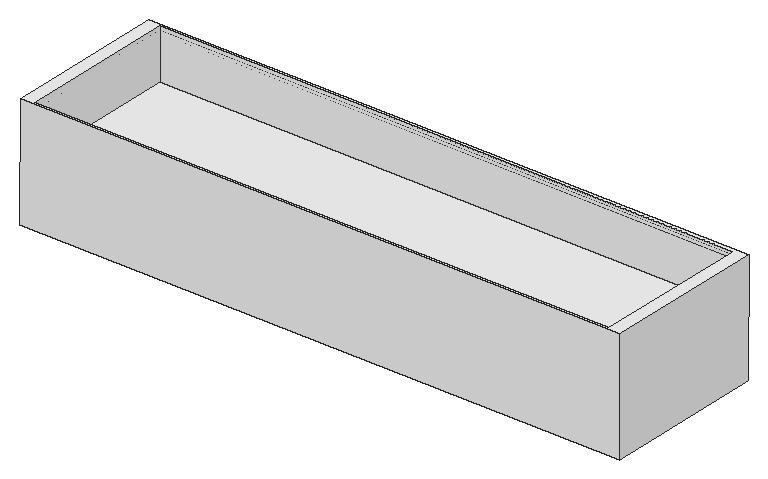
Revit family "MOD 6-S-D", category Lighting Fixtures, host Face, Revit 2021
Family settings
  Host = Face
  Round Connector Dimension = Use Diameter
  Part Type = Normal
  OmniClass Number = 23.80.70.11.14.17
  OmniClass Title = Direct/Indirect
  Cut with Voids When Loaded = No
  Light Source = Yes
  Shared = Yes
  Room Calculation Point = No
Parameters (values of type "MOD6-S-D-02")
  Wattage = 19.4 W
  Warranty = "5-Years Warranty"  # constant formula
  built-in parameter 1150110 = 1 (stored number, unit not read)
  Voltage = 120 V
  Type Comments = "Lighting Fixture"  # constant formula
  built-in parameter 1114217 = 1 (stored number, unit not read)
  Tilt Angle = -90.00°
  built-in parameter 1150109 = 1 (stored number, unit not read)
  built-in parameter 1150134 = (empty or 0)
  built-in parameter 1150113 = 1 (stored number, unit not read)
  Product Page URL = ""
  Product Documentation Link = ""
  Power Factor = 1
  Photometric Web File = "6L-P-D-4-SOF-X-CX-35K-D100.IES"
  Photometric Notes = "More IES files download on Photometric Link"  # constant formula
  zz Length 1 = 2' - 0"
  Wattage Comments = ""
  URL = "https://www.currentlighting.com/litecontrol"
  Mounting = "Surface"  # constant formula
  Model = "MOD 6 LED Surface Direct"  # constant formula
  Manufacturer = "Litecontrol"  # constant formula
  built-in parameter 1150105 = 159.01 (stored number, unit not read)
  Lumens = 1998.2 lm
  built-in parameter 1150115 = 1 (stored number, unit not read)
  Load Classification = Lighting
  built-in parameter 1150137 = (empty or 0)
  built-in parameter 1150139 = (empty or 0)
  built-in parameter 1150112 = 1 (stored number, unit not read)
  built-in parameter 1150114 = 1 (stored number, unit not read)
  Lamp = "LED"  # constant formula
  built-in parameter 1150132 = (empty or 0)
  built-in parameter 1150102 = (empty or 0)
  built-in parameter 1150107 = 3500 (stored number, unit not read)
  built-in parameter 1150138 = (empty or 0)
  built-in parameter 1150106 = 1.5901 (stored number, unit not read)
  Glass = Glass - White
  Fixture Distribution = "Direct"  # constant formula
  Emit from Rectangle Width = zz Length 1 - 0' 1"  # 1' - 11"
  Emit from Rectangle Length = 0' - 4"  # constant formula
  Emit Shape Visible in Rendering = no
  built-in parameter 1150104 = 9.569 (stored number, unit not read)
  Dimming Lamp Color Temperature Shift = <None>
  Description = "The MOD family is an affordably-priced, full-featured offering with best-in-class attention to detail."  # constant formula
  Default Elevation = 4' - 0"
  Copyright = "Copyright ©  Litecontrol"  # constant formula
  Contact Us = ""
  Color Filter = 16777215
  built-in parameter 1114218 = 1 (stored number, unit not read)
  Housing Material = Paint -  Matte White
  built-in parameter 1150133 = 10 (stored number, unit not read)
  Assembly Code = "D5020200"
  Apparent Load = 0 VA
Types (7): name | Wattage | zz Length 1 | built-in parameter 1150105 | Lumens | built-in parameter 1150106 | Emit from Rectangle Width
  (no name) | 19.4 W | 2' - 0" | 159.01 (stored number, unit not read) | 1998.2 lm | 1.5901 (stored number, unit not read) | 1' - 11"
  MOD6-S-D-02 | 19.4 W | 2' - 0" | 159.01 (stored number, unit not read) | 1998.2 lm | 1.5901 (stored number, unit not read) | 1' - 11"
  MOD6-S-D-03 | 29.1 W | 3' - 0" | 238.52 (stored number, unit not read) | 2997.3 lm | 2.3852 (stored number, unit not read) | 2' - 11"
  MOD6-S-D-04 | 38.8 W | 4' - 0" | 318.02 (stored number, unit not read) | 3996.4 lm | 3.1802 (stored number, unit not read) | 3' - 11"
  MOD6-S-D-05 | 48.5 W | 5' - 0" | 397.53 (stored number, unit not read) | 4995.5 lm | 3.9753 (stored number, unit not read) | 4' - 11"
  MOD6-S-D-06 | 58.2 W | 6' - 0" | 477.04 (stored number, unit not read) | 5994.6 lm | 4.7704 (stored number, unit not read) | 5' - 11"
  MOD6-S-D-08 | 77.6 W | 8' - 0" | 636.05 (stored number, unit not read) | 7992.8 lm | 6.3605 (stored number, unit not read) | 7' - 11"
Reference planes (in)
  plane 1 "Center (Front/Back)": y = 13.01342
  plane 2: z = 0
  plane 3 "Center (Left/Right)": x = 0
  plane 4: z = 3.5
Dimensions and locks (in)
  locked: plane 4 to plane 2 at 3.5
  aligned and locked: plane 2 to host face
  aligned and locked: level to host face
  aligned and locked: plane 3 "Center (Left/Right)" to imposter light
  aligned and locked: plane 4 to imposter light
  aligned and locked: plane 3 "Center (Left/Right)" to nested 1
  aligned and locked: plane 1 "Center (Front/Back)" to nested 1
Nested families (in)
  nested 1: "4-S" at (-0.01104, 12.97343, 0), Glass <- "Glass", Backbox <- "Housing Material", Length <- "zz Length 1", type "4-S"
    with Length 2' - 0", Glass Glass - White, Backbox Paint -  Matte White
Connectors (in)
  electrical at (0, 13.01342, 0), driven by "Load Classification", driven by "Voltage", driven by "Apparent Load", driven by "Power Factor"
    settings: on nested 1, index 1, voltage 120 V, apparent load 0 VA, apparent load phase1 0 VA, apparent load phase2 0 VA, apparent load phase3 0 VA, power factor 1, load classification "Lighting", number of poles 1, system type 30, power factor state 1, is connector primary yes, connector utility no, sub classification motor no, connector description "Electrical Connector"
Definition of nested family "4-S"
  Parameters
    Wattage Comments = ""
    URL = ""
    Model = ""
    Manufacturer = ""
    Length [instance] = 2' - 0"
    Lamp = ""
    Glass [instance] = none
    Description = ""
    Default Elevation = 4' - 0"
    Backbox [instance] = none
    Apparent Load = 0 VA
  Reference planes (in)
    plane 1 "Center (Front/Back)": y = 0.03999
    plane 2: z = 0
    plane 3 "Center (Left/Right)": x = 0.01104
    plane 4: z = 4.5
    plane 5: x = -11.98896
    plane 6: x = 12.01104
    plane 7: x = -11.48896
    plane 8: x = 11.51104
    plane 9: y = 3.16499
    plane 10: y = -3.08501
    plane 11: y = -3.17501
    plane 12: y = 3.25499
    plane 13: z = 4.375
    plane 14: z = 4.25
    plane 15: z = 2.5
  Forms (in)
    Extrusion 1, solid
      sketch origin (0, 0, 0.06357) x (1, 0, 0) y (0, 1, 0)
        loop
          line (-48, 48) -> (-48, -48) -> (48, -48) -> (48, 48) -> (-48, 48)
      from -0.06357 to -12.81105
    Extrusion 2, void
      sketch origin (-23.78896, 8.13374, 2) x (0, -1, 0) y (1, 0, 0)
        loop
          line (4.96875, 12.3) -> (11.21875, 12.3) -> (11.21875, 35.3) -> (4.96875, 35.3) -> (4.96875, 12.3)
      from 2.5 to 0.5
    Extrusion 3, solid, material <- "Backbox"
      sketch origin (0.01104, 0, 0) x (0, 1, 0) y (0, 0, 1)
        loop
          line (3.25499, 4.5) -> (-3.17501, 4.5) -> (-3.17501, 0) -> (3.25499, 0) -> (3.25499, 4.5)
      from -12 to 12
    Extrusion 4, solid, material <- "Glass"
      sketch origin (0, 0, 0) x (1, 0, 0) y (0, 1, 0)
        loop
          line (-11.48896, 3.16499) -> (-11.48896, -3.08501) -> (11.51104, -3.08501) -> (11.51104, 3.16499) -> (-11.48896, 3.16499)
      from 4.25 to 4.375
  Cuts and joins
    Extrusion 2 cuts Extrusion 3
  Dimensions and locks (in)
    "Length": plane 6 to plane 5
    locked: plane 7 to plane 5 at 0.5
    locked: plane 6 to plane 8 at 0.5
    equal spacing: plane 6, plane 3 "Center (Left/Right)", plane 5
    plane 4 to plane 2 = 0' - 4 1/2"
    locked: plane 4 to plane 13 at 0.125
    locked: plane 13 to plane 14 at 0.125
    plane 12 to plane 11 = 0' - 6.43"
    plane 4 to plane 15 = 0' - 2"
    equal spacing: plane 12, plane 1 "Center (Front/Back)", plane 11
    plane 9 to plane 10 = 0' - 6 1/4"
    equal spacing: plane 9, plane 1 "Center (Front/Back)", plane 10
    aligned and locked: plane 2 to Extrusion 1
    aligned and locked: plane 9 to Extrusion 2 sketch curve
    aligned and locked: plane 10 to Extrusion 2 sketch curve
    aligned and locked: plane 4 to Extrusion 3 sketch curve
    aligned and locked: plane 12 to Extrusion 3 sketch curve
    aligned and locked: Extrusion 3 sketch curve to level
    aligned and locked: plane 11 to Extrusion 3 sketch curve
    aligned and locked: Extrusion 3 to plane 5
    aligned and locked: plane 6 to Extrusion 3
    aligned and locked: plane 8 to Extrusion 2
    aligned and locked: Extrusion 2 to plane 7
    aligned and locked: plane 4 to Extrusion 2
    aligned and locked: Extrusion 4 sketch curve to cut or joined group of Extrusion 2, Extrusion 3  (x4)
    aligned and locked: Extrusion 4 to plane 14
    aligned and locked: plane 13 to Extrusion 4
    aligned and locked: plane 15 to Extrusion 2
  Automatic sketch dimensions
    Extrusion 1 sketch curve to Extrusion 1 sketch curve = 8' - 0"  (x2)
    Extrusion 2 sketch curve to plane 7 = 0' - 0"
    Extrusion 2 sketch curve to plane 8 = 0' - 0"
